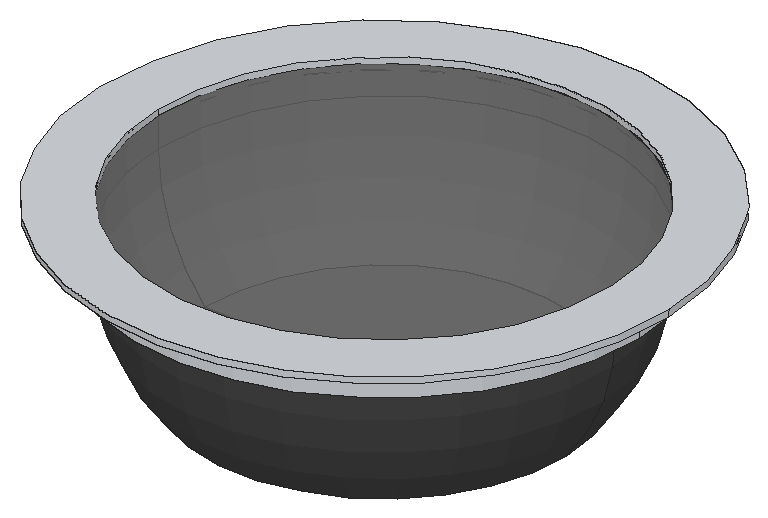
Revit family "3031813 Lighting Fixture_Sylvania_Syl-Lighter II_Ceiling Recessed", category Lighting Fixtures, host Face, Revit 2017
Family settings
  Host = Face
  Round Connector Dimension = Use Diameter
  Part Type = Normal
  OmniClass Number = 23.80.70.11.17
  OmniClass Title = Specialized Lighting by Location or Use
  Cut with Voids When Loaded = No
  Light Source = Yes
  Shared = No
  Room Calculation Point = No
Parameters (values of type "Syl-Lighter LED II 195 RO 15W NW DALI")
  Weight = 0.45 kg
  Wattage = 15 W
  built-in parameter 1150110 = 1 (stored number, unit not read)
  Voltage Comments = "UNV (Universal Voltage; 220-240 Volt)"  # constant formula
  Voltage = 240 V  # constant formula
  URL = "http://www.sylvania-lighting.com"
  built-in parameter 1114217 = 1 (stored number, unit not read)
  Tilt Angle = -90.00°  # constant formula
  built-in parameter 1150109 = 1 (stored number, unit not read)
  built-in parameter 1150134 = 12
  Ta Rating = "-10°C to +40°C"  # constant formula
  built-in parameter 1150113 = 1 (stored number, unit not read)
  Recessed Depth = Height  # 55.0 mm
  IP Rating = "IP44"  # constant formula
  IK Rating = "IK07"  # constant formula
  Energy Class = "A++, A+, A"  # constant formula
  Dimmable = "DALI"  # constant formula
  Catalog Number = "3031813 Syl-Lighter LED II 195 RO 15W NW DALI"
  Body Material = Metal_Sylvania_Syl-Lighter LED II_Silver
  Product Page URL = "http://www.sylvania-lighting.com/product/en-int/products/3031813"
  Product Family = "SYL-LIGHTER LED II"  # constant formula
  Photometry Comments = ""
  Photometric Web File = "3031813_Syl-LighterLEDII195RO15WNWDALI-187613.ies"
  built-in parameter 1150105 = 855.35 (stored number, unit not read)
  Lumens = 1479.9 lm
  built-in parameter 1150115 = 1 (stored number, unit not read)
  built-in parameter 1150137 = (empty or 0)
  built-in parameter 1150139 = (empty or 0)
  Life = "50 000h"  # constant formula
  built-in parameter 1150112 = 1 (stored number, unit not read)
  built-in parameter 1150114 = 1 (stored number, unit not read)
  Lamp Comments = "Integrated LED"
  built-in parameter 1150132 = 2
  built-in parameter 1150102 = (empty or 0)
  built-in parameter 1150107 = 4000 (stored number, unit not read)
  built-in parameter 1150138 = (empty or 0)
  built-in parameter 1150106 = 8.5535 (stored number, unit not read)
  Glow Wire Test = 650 °C  # constant formula
  Emit from Circle Diameter = Diffuser Diameter  # 155.0 mm
  Emit Shape Visible in Rendering = no
  built-in parameter 1150104 = 9.1658 (stored number, unit not read)
  Drive Current = "300mA"
  Dimming Lamp Color Temperature Shift = <None>
  Diffuser Radius = Diffuser Diameter / 2  # 77.5 mm
  Diffuser Diameter = Diameter - 20.0 mm  # 155.0 mm
  Inner Diameter = Diameter - 4.0 mm  # 171.0 mm
  Cutout Diameter = Diameter  # 175.0 mm
  Color Filter = 16777215
  Beam Angle = 74.00°
  built-in parameter 1114218 = 1 (stored number, unit not read)
  built-in parameter 1150133 = 10 (stored number, unit not read)
  Height = 55.0 mm
  Electrical Protection = "CLASS II"  # constant formula
  built-in parameter 1114216 [instance] = 1 (stored number, unit not read)
  Model = "Syl-Lighter LED II 195 RO 15W NW DALI"
  Manufacturer = "Feilo Sylvania"  # constant formula
  Lamp = "LED"
  Diffuser Material = Polycarbonate_Sylvania_Syl-Lighter LED II_Opal
  Description = "Syl-Lighter LED II is available in 4 different round body sizes: 165mm, 195mm, 220mm & 240mm Syl-Lighter LED II 165 12W delivers a 1,134 lumen output (4,000K) - perfect for 1x26W CFL replacement Syl-Lighter LED II 195 15W delivers a 1,480 lumen output (4,000K) - perfect for 1x32W/2x18W CFL replacement Syl-Lighter LED II 220 21W delivers a 1,989 lumen output (4,000K) - perfect for 1x42W CFL replacement Syl-Lighter LED II 240 25W delivers a 2,289 lumen output (4,000K)- perfect for 2x26W CFL replacement High efficacy up to 99lm/W (Syl-Lighter LED II 195 4,000K) IP44 rating allows for installation in applicable wet zone areas Choice of 3,000K (warm white) or 4,000K (neutral white) Shallow recess depth of <65mm Can replace existing large CFL downlights using a 225mm ceiling cut out (Syl-Lighter LED II 240) Energy efficient electronic gear including analogue 1-10V and DALI dimmable options IK07 polycarbonate diffuser allows for a wider light distribution than a reflector downlight, allowing for increased spacings between luminaires 3 hour emergency pack available (to be ordered in addition to the luminaire) Ideal for applications such as corridors, public WCs and back of house areas Quick and easy to install Loop in-Loop out facility with red push fit terminal block for quick wiring White bezel (RAL 9003) Energy Class: A++, A+, A Long lifetime: 50,000 hours life at L70 (L80: 30,000 hours, L90: 15,000 hours)"  # constant formula
  Default Elevation = 0.0 mm
  built-in parameter 1140040 [instance] = 1
  Assembly Code = "D5020200"
  Apparent Load Comments = ""
  Apparent Load = 15 VA
  Accessory Radius = Accessory Diameter / 2  # 97.5 mm
  Accessory Material = Aluminum_Sylvania_Syl-Lighter LED II_White_RAL 9003
  Diameter = 175.0 mm
  Accessory Diameter = 195.0 mm
Reference planes
  plane 1 "Center (Front/Back)": y = 0
  plane 2: z = 0
  plane 3 "Center (Left/Right)": x = 0
  plane 4 "Fixture Bottom": z = 2
  plane 5: z = -10
  plane 6 "Fixture Top": z = -55
  plane 7: z = -2
Forms (mm)
  Extrusion 1, void
    sketch origin (0, 0, 58) x (-1, 0, 0) y (0, -1, 0)
      loop
        circle (0, 0) r 87.5
    from -171 to -55
  Extrusion 2, solid, detail levels fine
    sketch origin (0, 0, 58) x (-1, 0, 0) y (0, -1, 0)
      loop
        circle (0, 0) r 87.5
      loop
        circle (0, 0) r 85.5
    from -68 to -58
  Extrusion 3, solid, detail levels fine
    sketch origin (0, 0, 58) x (-1, 0, 0) y (0, -1, 0)
      loop
        circle (0, 0) r 97.5
      loop
        circle (0, 0) r 77.5
    from -58 to -56
  Extrusion 4, solid, material "Polycarbonate_Sylvania_Syl-Lighter LED II_Opal" <- "Diffuser Material", detail levels fine
    sketch origin (0, 0, 58) x (-1, 0, 0) y (0, -1, 0)
      loop
        circle (0, 0) r 77.5
    from -60 to -58
  Revolve 5, solid, material "Metal_Sylvania_Syl-Lighter LED II_Silver" <- "Body Material", detail levels fine
    sketch origin (0, 0, 0) x (1, 0, 0) y (0, 0, 1)
      loop
        line (-77.5, 0) -> (-79.5, 0) -> (-79.5, -10)
        arc (-79.5, -10) -> (-75.108, -34.052) -> (-62.5, -55) r 68.059
        line (-62.5, -55) -> (0, -55) -> (0, -53) -> (-61.589, -53)
        arc (-61.589, -53) -> (-73.395, -32.925) -> (-77.5, -10) r 66.059
        line (-77.5, -10) -> (-77.5, 0)
      axis (0, -55) -> (0, 0)
    angle from 0 to 360
  Revolve 6, solid, material "Aluminum_Sylvania_Syl-Lighter LED II_White_RAL 9003" <- "Accessory Material", detail levels coarse+medium
    sketch origin (0, 0, 0) x (1, 0, 0) y (0, 0, 1)
      loop
        line (-97.5, 2) -> (-97.5, 0) -> (-90, 0) -> (-90, -10) -> (-82, -10)
        arc (-82, -10) -> (-77.608, -34.052) -> (-65, -55) r 68.059
        line (-65, -55) -> (0, -55) -> (0, 2) -> (-97.5, 2)
      axis (0, 2) -> (0, -55)
    angle from 0 to 360
Cuts and joins
  joined: Extrusion 2, Extrusion 3
Lines and regions (mm)
  Masking region 1
    outline origin (0, 0, 58) x (-1, 0, 0) y (0, -1, 0)
      loop
        circle (0, 0) r 97.5
  symbolic lines, detail levels fine
    curve 1: arc (-77.5, 0, 58) -> (0, 77.5, 58) -> (77.5, 0, 58) r 77.5
    curve 2: arc (77.5, 0, 58) -> (0, -77.5, 58) -> (-77.5, 0, 58) r 77.5
Dimensions and locks
  locked: plane 4 "Fixture Bottom" to plane 2 at 2
  locked: plane 2 to plane 5 at 10
  "Height": plane 2 to plane 6 "Fixture Top"
  locked: plane 2 to plane 7 at 2
  "Diffuser Radius": plane 3 "Center (Left/Right)" to Revolve 5 sketch curve
  locked: Revolve 5 sketch curve to Revolve 5 sketch curve at 2
  locked: Revolve 5 sketch curve to Revolve 5 sketch curve at 15
  "Accessory Radius": plane 3 "Center (Left/Right)" to Revolve 6 sketch curve
  Revolve 6 sketch curve to Revolve 6 sketch curve to Revolve 6 sketch curve to Revolve 6 sketch curve = 7.5 mm locked, 8.0 mm locked, 17.0 mm locked
  "Cutout Diameter": diameter of Extrusion 1 sketch curve
  "Diameter": diameter of Extrusion 2 sketch curve
  "Inner Diameter": diameter of Extrusion 2 sketch curve
  "Accessory Diameter": diameter of Extrusion 3 sketch curve
  "Diffuser Diameter": diameter of Extrusion 3 sketch curve
  "Diffuser Diameter": diameter of Extrusion 4 sketch curve
  "Accessory Diameter": diameter of Masking region 1 sketch curve
  aligned and locked: host face to plane 2
  aligned and locked: host face to level
  aligned and locked: plane 4 "Fixture Bottom" to Extrusion 3
  aligned and locked: Extrusion 3 to plane 2
  aligned and locked: Extrusion 2 to plane 5
  aligned and locked: plane 2 to Extrusion 2
  aligned and locked: Extrusion 4 to plane 7
  aligned and locked: plane 2 to Extrusion 4
  aligned and locked: Revolve 5 sketch curve to plane 2
  aligned and locked: plane 5 to Revolve 5 sketch curve  (x2)
  aligned and locked: Revolve 5 sketch curve to plane 3 "Center (Left/Right)"
  aligned and locked: plane 3 "Center (Left/Right)" to Revolve 5 sketch curve
  aligned and locked: Revolve 6 sketch curve to plane 5
  aligned and locked: Revolve 6 sketch curve to plane 2
  aligned and locked: Revolve 6 sketch curve to plane 4 "Fixture Bottom"
  aligned and locked: plane 3 "Center (Left/Right)" to Revolve 6 sketch curve
  aligned and locked: Revolve 6 sketch curve to plane 3 "Center (Left/Right)"
  aligned and locked: plane 3 "Center (Left/Right)" to imposter light
  aligned and locked: imposter light to plane 1 "Center (Front/Back)"
  aligned and locked: imposter light to plane 4 "Fixture Bottom"
  aligned and locked: curve 1 to cut or joined group of Extrusion 2, Extrusion 3
Automatic sketch dimensions
  host sketch curve to host sketch curve = 700.0 mm
  host sketch curve to host sketch curve = 620.0 mm
  plane 1 "Center (Front/Back)" to Extrusion 1 sketch curve = 0.0 mm
  Extrusion 1 sketch curve to plane 3 "Center (Left/Right)" = 0.0 mm
  Extrusion 2 sketch curve to Extrusion 2 sketch curve = 0.0 mm  (x2)
  plane 1 "Center (Front/Back)" to Extrusion 2 sketch curve = 0.0 mm
  Extrusion 2 sketch curve to plane 3 "Center (Left/Right)" = 0.0 mm
  Extrusion 3 sketch curve to Extrusion 3 sketch curve = 0.0 mm  (x2)
  plane 1 "Center (Front/Back)" to Extrusion 3 sketch curve = 0.0 mm
  Extrusion 3 sketch curve to plane 3 "Center (Left/Right)" = 0.0 mm
  plane 1 "Center (Front/Back)" to Extrusion 4 sketch curve = 0.0 mm
  Extrusion 4 sketch curve to plane 3 "Center (Left/Right)" = 0.0 mm
  Revolve 5 sketch curve to Revolve 5 sketch curve = 0.0 mm
  Revolve 5 sketch curve to plane 6 "Fixture Top" = 0.0 mm
  plane 6 "Fixture Top" to Revolve 5 sketch curve = 2.0 mm
  Revolve 5 sketch curve to Revolve 5 sketch curve = 17.111 mm
  plane 4 "Fixture Bottom" to Revolve 5 sketch curve = 20.889 mm
  Revolve 6 sketch curve to plane 6 "Fixture Top" = 0.0 mm
  Revolve 6 sketch curve to plane 6 "Fixture Top" = 63.885 mm
  Revolve 6 sketch curve to Revolve 6 sketch curve = 84.115 mm
  plane 1 "Center (Front/Back)" to Masking region 1 sketch curve = 0.0 mm
  Masking region 1 sketch curve to plane 3 "Center (Left/Right)" = 0.0 mm
Connectors
  electrical at (0, 0, -55), driven by "Apparent Load", driven by "Voltage"
    settings: on Revolve 5, index 1, voltage 240 V, apparent load 0 VA, apparent load phase1 15 VA, apparent load phase2 0 VA, apparent load phase3 0 VA, power factor 1, load classification "Lighting", number of poles 1, system type 31, power factor state 1, is connector primary yes, connector utility no, sub classification motor no, connector description ""
